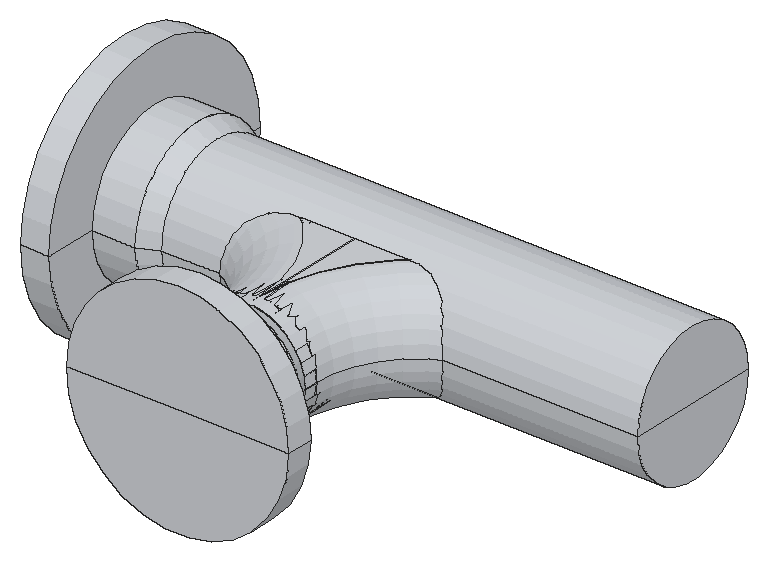
Revit family "2a184e5503eb477fa12873d17ca025f9", category Pipe Fittings, Revit 2021
Family settings
  Round Connector Dimension = Use Radius
  Part Type = Tee
  OmniClass Number = 23.60.30.11.14
  OmniClass Title = Pipework Fittings
  Seek Item ID = Tee - PVC - Sch 40-0000-USA-ENU
  Work Plane-Based = No
  Always vertical = Yes
  Cut with Voids When Loaded = No
  Shared = No
Parameters (values of type "Standard")
  Visibility 1 [instance] = Angle = 90.00°  # yes
  Tick Size 2 [instance] = Fitting Outside Diameter 2 * 0.4  # 1.5840"
  Tick Size 1 [instance] = Fitting Outside Diameter 1 * 0.4  # 1.9200"
  Socket Outside Radius 2 [instance] = Socket Outside Diameter 2 / 2  # 2.2400"
  Socket Outside Radius 1 [instance] = Socket Outside Diameter 1 / 2  # 2.7250"
  Socket Outside Diameter 1 [instance] = size_lookup(Lookup Table Name, "SOD", 1.08 * Nominal Diameter 1 + 1.13", Nominal Diameter 1)  # 5.4500"
  Socket Outside Diameter 2 [instance] = size_lookup(Lookup Table Name, "SOD", 1.08 * Nominal Diameter 2 + 1.13", Nominal Diameter 2)  # 4.4800"
  Socket Depth 2 [instance] = if(Nominal Diameter 2 < 14.00", 2.50", if(Nominal Diameter 2 < 30.00", 3.50", 4.00"))  # 2.5000"
  Socket Depth 1 [instance] = if(Nominal Diameter 1 < 14.00", 2.50", if(Nominal Diameter 1 < 30.00", 3.50", 4.00"))  # 2.5000"
  Nominal Radius 2 [instance] = 1.5000"
  Nominal Diameter 2 [instance] = Nominal Radius 2 * 2  # 3.0000"
  Lookup Table Name = "Tee Reducing - MJ x PE - DI - Class 350"
  Length 1 [instance] = Socket Depth 2 + Bevel Length 2  # 3.0200"
  Fitting Outside Radius 2 [instance] = Fitting Outside Diameter 2 / 2  # 1.9800"
  Fitting Outside Radius 1 [instance] = Fitting Outside Diameter 1 / 2  # 2.4000"
  Fitting Outside Diameter 2 [instance] = size_lookup(Lookup Table Name, "FOD", 1.04 * Nominal Diameter 2 + 0.70", Nominal Diameter 2)  # 3.9600"
  Fitting Outside Diameter 1 [instance] = size_lookup(Lookup Table Name, "FOD", 1.04 * Nominal Diameter 1 + 0.70", Nominal Diameter 1)  # 4.8000"
  Nominal Radius 1 [instance] = 2.0000"
  Nominal Diameter 1 [instance] = Nominal Radius 1 * 2  # 4.0000"
  Loss Method = K Coefficient from Table
  K Coefficient Table = "Tee"
  Default Elevation = 0.00"
  Bevel Length 2 [instance] = size_lookup(Lookup Table Name, "BvLgt", 0.04 * Nominal Diameter 2 + 0.43", Nominal Diameter 2)  # 0.5200"
  Bevel Length 1 [instance] = size_lookup(Lookup Table Name, "BvLgt", 0.04 * Nominal Diameter 1 + 0.43", Nominal Diameter 1)  # 0.6500"
  Center to Socket Bottom 3 Label [instance] = if(Center Radius > Center to Socket Bottom 3, Center Radius + 7.00", Center to Socket Bottom 3)  # 10.6200"
  Center to Socket Bottom 3 [instance] = size_lookup(Lookup Table Name, "CtSB3", 0.45 * Nominal Diameter 1 + 11.38", Nominal Diameter 1, Nominal Diameter 2)  # 10.6200"
  Center to Socket Bottom 2 [instance] = size_lookup(Lookup Table Name, "CtSB2", 3.84" + 0.6 * Nominal Diameter 1 + 0.12 * Nominal Diameter 2, Nominal Diameter 1, Nominal Diameter 2)  # 6.5000"
  Center to Socket Bottom 1 [instance] = size_lookup(Lookup Table Name, "CtSB1", 4.98" + 0.33 * Nominal Diameter 1 + 0.33 * Nominal Diameter 2, Nominal Diameter 1, Nominal Diameter 2)  # 6.5000"
  Center to End 3 Label [instance] = if((Center to End 2 - Gland Width 2) * tan(Angle 1 / 2) > Gland Outside Radius 1, Center to Socket Bottom 3 Label, Gland Outside Radius 1 / tan(Angle 1 / 2) + Gland Width 2)  # 10.6200"
  Center to End 2 Label [instance] = if((Center to End 2 - Gland Width 2) * tan(Angle 1 / 2) > Gland Outside Radius 1, Center to End 2, Gland Outside Radius 1 / tan(Angle 1 / 2) + Gland Width 2)  # 9.0000"
  Center to End 2 [instance] = Center to Socket Bottom 2 + Socket Depth 2  # 9.0000"
  Center to End 1 Label [instance] = if((Center to End 2 - Gland Width 2) * tan(Angle 1 / 2) > Gland Outside Radius 1, Center to End 1, Gland Outside Radius 1 / tan(Angle 1 / 2) + Gland Width 2)  # 9.0000"
  Center to End 1 [instance] = Center to Socket Bottom 1 + Socket Depth 1  # 9.0000"
  Center Radius Label [instance] = if(Center to Socket Bottom 2 - Center Radius - Bevel Length 2 < 0.50", Center to Socket Bottom 2 - Bevel Length 2 - 0.50", Center Radius)  # 5.4800"
  Center Radius [instance] = size_lookup(Lookup Table Name, "CRad", 4.48" + 0.3 * Nominal Diameter 1 + 0.33 * Nominal Diameter 2, Nominal Diameter 1, Nominal Diameter 2)  # 5.8500"
  Gland Width 2 [instance] = size_lookup(Lookup Table Name, "GWid", 0.03 * Nominal Diameter 2 + 0.94", Nominal Diameter 2)  # 0.9400"
  Gland Width 1 [instance] = size_lookup(Lookup Table Name, "GWid", 0.03 * Nominal Diameter 1 + 0.94", Nominal Diameter 1)  # 1.0000"
  Gland Outside Radius 2 [instance] = Gland Outside Diameter 2 / 2  # 3.8450"
  Gland Outside Radius 1 [instance] = Gland Outside Diameter 1 / 2  # 4.5600"
  Gland Outside Diameter 2 [instance] = size_lookup(Lookup Table Name, "GOD", 1.16 * Nominal Diameter 2 + 4.03", Nominal Diameter 2)  # 7.6900"
  Gland Outside Diameter 1 [instance] = size_lookup(Lookup Table Name, "GOD", 1.16 * Nominal Diameter 1 + 4.03", Nominal Diameter 1)  # 9.1200"
  Angle 1 [instance] = if(Angle > 90.00°, 180.00° - Angle, Angle)  # 90.00°
  Angle [instance] = 90.00°
Reference planes (in)
  plane 1 "Center (Front/Back)": y = 0
  plane 2: z = 0
  plane 3 "Center (Left/Right)": x = 0
  plane 4: y = -6.5
  plane 5: y = 4.56
  plane 6: y = 2.725
  plane 7: y = 2.4
  plane 8: x = -9
  plane 9: x = -8
  plane 10: x = -5.85
  plane 11: x = -6.5
  plane 12: x = 10.62
  plane 13: y = -5.98
  plane 14: y = -5.48
  plane 15: x = -5.48
  plane 16: x = 5.48
  plane 17: z = 1.98
  plane 18: z = -1.98
  plane 19: y = 1.92
  plane 20: y = -1.92
Forms (in)
  Revolve 1, solid, detail levels fine
    sketch origin (0, 0, 0) x (1, 0, 0) y (0, 1, 0)
      loop
        line (-9, 0) -> (10.62, 0) -> (10.62, 2.4) -> (-5.85, 2.4) -> (-6.5, 2.725) -> (-8, 2.725) -> (-8, 4.56) -> (-9, 4.56) -> (-9, 0)
      axis (-9, 0) -> (10.62, 0)
    angle from 0 to 360
  Sweep 2, solid, visible <- "Visibility 1", detail levels fine
    path origin (0, 0, 0) x (1, 0, 0) y (0, 1, 0)
      loop
        arc (-5.48, 0) -> (-1.60505, -1.60505) -> (0, -5.48) r 5.48
        line (0, -5.48) -> (0, -5.98)
    profile origin (0, -5.48, 0) x (1, 0, 0) y (0, 0, 1)
      loop
        circle (0, 0) r 1.98
  Sweep 3, solid, visible <- "Visibility 1", detail levels fine
    path origin (0, 0, 0) x (-1, 0, 0) y (0, 1, 0)
      loop
        arc (-5.48, 0) -> (-1.60505, -1.60505) -> (0, -5.48) r 5.48
        line (0, -5.48) -> (0, -5.98)
    profile origin (0, -5.48, 0) x (1, 0, 0) y (0, 0, 1)
      loop
        circle (0, 0) r 1.98
  Extrusion 4, solid, visible <- "Visibility 1", detail levels fine
    sketch origin (0, 0, 0) x (1, 0, 0) y (0, 1, 0)
      loop
        arc (-5.48, 0) -> (-1.60505, -1.60505) -> (0, -5.48) r 5.48
        arc (0, -5.48) -> (1.60505, -1.60505) -> (5.48, 0) r 5.48
        line (5.48, 0) -> (-5.48, 0)
    from -1.98 to 1.98
  Revolve 5, solid, detail levels fine
    sketch origin (0, 0, 0) x (0, -1, 0) y (1, 0, 0)
      loop
        line (9, 0) -> (0, 0) -> (0, -1.98) -> (5.98, -1.98) -> (6.5, -2.24) -> (8.06, -2.24) -> (8.06, -3.845) -> (9, -3.845) -> (9, 0)
      axis (0, 0) -> (9, 0)
    angle from 0 to 360
Cuts and joins
  joined: Revolve 1, Revolve 5
Lines and regions (in)
  model lines, detail levels coarse+medium
    curve 1: line (-9, 1.92, 0) -> (-9, -1.92, 0)
    curve 2: line (10.62, 1.92, 0) -> (10.62, -1.92, 0)
    curve 5: line (-1.584, -9, 0) -> (1.584, -9, 0)
  model lines, style "PipeFitting", detail levels coarse+medium
    curve 3: line (-9, 0, 0) -> (10.62, 0, 0)
    curve 6: line (0, 0, 0) -> (0, -9, 0)
  reference lines, not visible
    curve 4: line (0, 0, 0) -> (0, -9, 0)
Dimensions and locks (in)
  "Center to Socket Bottom 2": plane 4 to plane 1 "Center (Front/Back)"
  "Fitting Outside Radius 1": plane 7 to plane 1 "Center (Front/Back)"
  "Socket Outside Radius 1": plane 6 to plane 1 "Center (Front/Back)"
  "Gland Outside Radius 1": plane 5 to plane 1 "Center (Front/Back)"
  "Gland Width 1": plane 8 to plane 9
  "Socket Depth 1": plane 8 to plane 11
  "Bevel Length 1": plane 11 to plane 10
  "Bevel Length 2": plane 13 to plane 4
  "Center Radius Label": plane 1 "Center (Front/Back)" to plane 14
  "Center Radius Label": plane 15 to plane 3 "Center (Left/Right)"
  "Center Radius Label": plane 3 "Center (Left/Right)" to plane 16
  "Fitting Outside Radius 2": plane 17 to plane 2
  "Fitting Outside Radius 2": plane 18 to level
  "Tick Size 1": plane 1 "Center (Front/Back)" to plane 20
  "Tick Size 1": plane 19 to plane 1 "Center (Front/Back)"
  "Center to End 3 Label": plane 3 "Center (Left/Right)" to plane 12
  "Center to End 1 Label": plane 8 to plane 3 "Center (Left/Right)"
  "Center to End 2 Label": curve 4 to curve 4
  "Center to End 2 Label": Revolve 5 sketch curve to Revolve 5 sketch curve
  "Fitting Outside Radius 2": Revolve 5 sketch curve to Revolve 5 sketch curve
  "Gland Width 2": Revolve 5 sketch curve to Revolve 5 sketch curve
  "Socket Depth 2": Revolve 5 sketch curve to Revolve 5 sketch curve
  "Gland Outside Radius 2": Revolve 5 sketch curve to Revolve 5 sketch curve
  "Socket Outside Radius 2": Revolve 5 sketch curve to Revolve 5 sketch curve
  "Length 1": Revolve 5 sketch curve to Revolve 5 sketch curve
  "Tick Size 2": curve 5 to curve 4
  "Tick Size 2": curve 4 to curve 5
  "Center to End 2 Label": curve 6 to curve 6
  "Center Radius Label": radius of Sweep 2 sketch curve
  "Fitting Outside Radius 2": radius of Sweep 2 sketch curve
  "Center Radius Label": radius of Sweep 3 sketch curve
  "Fitting Outside Radius 2": radius of Sweep 3 sketch curve
  "Center Radius Label": radius of Extrusion 4 sketch curve  (x2)
  "Angle": angle curve 4 to plane 1 "Center (Front/Back)"
  "Angle": angle Revolve 5 sketch curve to plane 1 "Center (Front/Back)"
  locked: curve 4 to curve 5 (angle 90.00°)
  "Angle": angle curve 6 to plane 1 "Center (Front/Back)"
  aligned and locked: plane 1 "Center (Front/Back)" to Revolve 1 sketch curve
  aligned and locked: plane 8 to Revolve 1 sketch curve
  aligned and locked: Revolve 1 sketch curve to plane 5
  aligned and locked: Revolve 1 sketch curve to plane 7
  aligned and locked: Revolve 1 sketch curve to plane 6
  aligned and locked: plane 12 to Revolve 1 sketch curve
  aligned and locked: Revolve 1 sketch curve to plane 9
  aligned and locked: Revolve 1 sketch curve to Revolve 1 sketch curve
  aligned and locked: plane 11 to Revolve 1 sketch curve
  aligned and locked: plane 10 to Revolve 1 sketch curve
  aligned and locked: plane 14 to Sweep 2 sketch curve
  aligned and locked: plane 15 to Sweep 2 sketch curve
  aligned and locked: plane 16 to Sweep 3 sketch curve
  aligned and locked: plane 14 to Sweep 3 sketch curve
  aligned and locked: plane 15 to Extrusion 4 sketch curve  (x2)
  aligned and locked: plane 14 to Extrusion 4 sketch curve  (x3)
  aligned and locked: plane 16 to Extrusion 4 sketch curve  (x3)
  aligned and locked: plane 1 "Center (Front/Back)" to Extrusion 4 sketch curve  (x2)
  aligned and locked: plane 18 to Extrusion 4
  aligned and locked: plane 17 to Extrusion 4
  aligned and locked: plane 20 to curve 2
  aligned and locked: plane 19 to curve 2
  aligned and locked: plane 12 to curve 2
  aligned and locked: plane 20 to curve 1
  aligned and locked: plane 19 to curve 1
  aligned and locked: curve 1 to plane 8
  aligned and locked: plane 1 "Center (Front/Back)" to curve 3
  aligned and locked: plane 8 to curve 3
  aligned and locked: plane 12 to curve 3
  aligned and locked: plane 3 "Center (Left/Right)" to curve 4
  aligned and locked: plane 1 "Center (Front/Back)" to curve 4
  aligned and locked: plane 3 "Center (Left/Right)" to Revolve 5 sketch curve
  aligned and locked: plane 1 "Center (Front/Back)" to Revolve 5 sketch curve
  aligned and locked: Revolve 5 sketch curve to Revolve 5 sketch curve  (x3)
  aligned and locked: plane 13 to Sweep 2 sketch curve
  aligned and locked: plane 13 to Sweep 3 sketch curve
  aligned and locked: curve 5 to curve 4
  aligned and locked: plane 3 "Center (Left/Right)" to curve 6
Automatic sketch dimensions
  Revolve 1 sketch curve to plane 8 = 1.01143"
  Revolve 1 sketch curve to plane 12 = 1.76143"
  Sweep 2 sketch curve to level = 0.00"
  profile plane to Sweep 2 sketch curve = 0.00"
  Sweep 3 sketch curve to level = 0.00"
  profile plane to Sweep 3 sketch curve = 0.00"
  Extrusion 4 sketch curve to plane 15 = 0.00"
Connectors (in)
  piping at (-9, 0, 0), diameter 4, driven by "Nominal Radius 1"
    settings: on cut or joined group of Revolve 1, Revolve 5, index 1, connector inside diameter 4.0000", connector length 0.00", flow factor 0, pipe flow 0 GPM, pressure drop 0.00 psi, fitting loss kfactor 0, connector angle 0.00°, fixture units 0, engagement length 0.00", angle of deflection 0.00°, flow configuration 0, flow direction 0, fitting loss method 0, system type 28, joint type 0, gender type 0, connector reference index 2, connector utility 0, adjustable connector no, is connector primary yes, connector description ""
  piping at (10.62, 0, 0), diameter 4, driven by "Nominal Radius 1"
    settings: on cut or joined group of Revolve 1, Revolve 5, index 2, connector inside diameter 4.0000", connector length 0.00", flow factor 0, pipe flow 0 GPM, pressure drop 0.00 psi, fitting loss kfactor 0, connector angle 0.00°, fixture units 0, engagement length 0.00", angle of deflection 0.00°, flow configuration 0, flow direction 0, fitting loss method 0, system type 28, joint type 0, gender type 0, connector reference index 1, connector utility 0, adjustable connector no, is connector primary no, connector description ""
  piping at (0, -9, 0), diameter 3, driven by "Nominal Radius 2", driven by "Angle"
    settings: on cut or joined group of Revolve 1, Revolve 5, index 3, connector inside diameter 3.0000", connector length 0.00", flow factor 0, pipe flow 0 GPM, pressure drop 0.00 psi, fitting loss kfactor 0, connector angle 90.00°, fixture units 0, engagement length 0.00", angle of deflection 0.00°, flow configuration 0, flow direction 0, fitting loss method 0, system type 28, joint type 0, gender type 0, connector reference index -1, connector utility 0, adjustable connector no, is connector primary no, connector description ""
